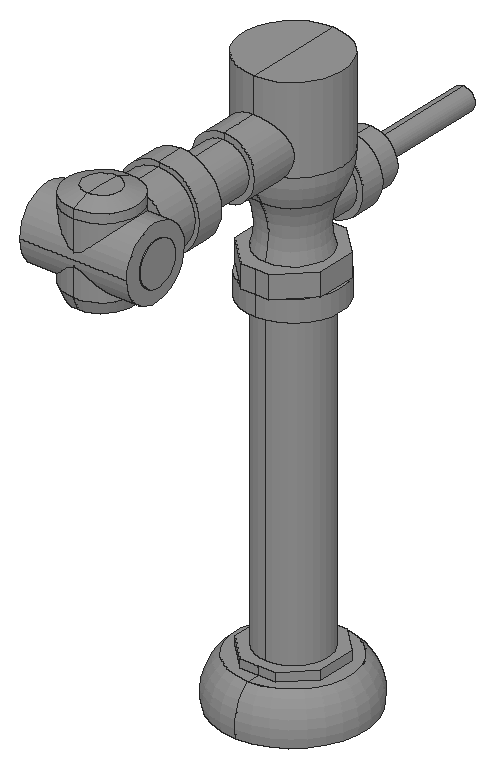
Revit family "Fluxor WC Public", category Plumbing Fixtures, Revit 2015
Parameters (values of type "Fluxor WC Public")
  Width = 80 mm
  URL = "www.mk.cl"
  Type Comments = "Fluxor expuesto para wc\r\nLitros de descarga: 4,8 \r\nConexión a muro: 1” HI \r\nTiempo: 4-8 segundos\r\nPresión de trabajo: 2 - 4 BAR \r\nTerminación: Cromo"
  Supplier = "Mk"  # constant formula
  Model = "Fluxor WC Public"
  Manufacturer = "Klipen"  # constant formula
  Keynote = "22 41 13.13"
  ID_Source = "BIMTOOL"
  ID_Objeto = "BT_F_F_1813"
  Height = 326.3 mm
  Description = "Fluxor expuesto para wc"
  Depth = 271.98 mm
  Default Elevation = 1219.2 mm
  Copyright © = "Bimtool 2018 ®Todos los derechos reservados."  # constant formula
  BT_Uso = "Fluxómetro"
  BT_SKU = "00 00 00"
  BT_Material = Latón Cromado
  BT_Itemizado_Estandar_CDT = "E 04 02 00"
  BT_Color = "Cromo"
  Assembly Code = "D2010.60"
Reference planes
  plane 1 "Center (Front/Back)": y = 0
  plane 2: z = 0
  plane 3 "Center (Left/Right)": x = 0
  plane 4: z = 326.3
  plane 5: y = 119.077
  plane 6: y = -152.903
  plane 7: x = -40
  plane 8: x = 40
Forms (mm)
  Revolve 1, solid, material "Latón Cromado"
    sketch origin (0, 0, 0) x (0, 1, 0) y (0, 0, 1)
      loop
        line (0, 0) -> (0, 25) -> (-31.924, 25)
        arc (-31.924, 25) -> (-39.532, 13.653) -> (-40, 0) r 24.872
        line (-40, 0) -> (0, 0)
      axis (0, 0) -> (0, 25)
    angle from 0 to 360
  Revolve 2, solid, material "Latón Cromado"
    sketch origin (0, 0, 0) x (0, 1, 0) y (0, 0, 1)
      loop
        line (0, 205) -> (0, 25) -> (19.049, 25) -> (19.049, 205) -> (0, 205)
      axis (0, 25) -> (0, 205)
    angle from 0 to 360
  Extrusion 3, solid, material "Latón Cromado"
    sketch origin (0, 0, 0) x (1, 0, 0) y (0, 1, 0)
      loop
        line (0, 24.848) -> (-10, 24.848) -> (-24.142, 10.705) -> (-24.142, -10.705) -> (-10, -24.848) -> (0, -24.848) -> (10, -24.848) -> (24.142, -10.705) -> (24.142, 10.705) -> (10, 24.848) -> (0, 24.848)
      loop
        circle (0, 0) r 19.049
    from 25 to 29.873
  Revolve 4, solid, material "Latón Cromado"
    sketch origin (0, 0, 0) x (0, 1, 0) y (0, 0, 1)
      loop
        line (0, 216.82) -> (0, 205) -> (26.189, 205) -> (26.189, 216.82) -> (0, 216.82)
      axis (0, 205) -> (0, 216.82)
    angle from 0 to 360
  Extrusion 5, solid, material "Latón Cromado"
    sketch origin (0, 0, 191.82) x (1, 0, 0) y (0, 1, 0)
      loop
        line (0, 26.532) -> (-8.315, 26.532) -> (-24.142, 10.705) -> (-24.142, -10.705) -> (-7.866, -26.981) -> (0, -26.981) -> (7.866, -26.981) -> (24.142, -10.705) -> (24.142, 10.705) -> (8.315, 26.532) -> (0, 26.532)
      loop
        circle (0, 0) r 19.049
    from 25 to 37.435
  Revolve 6, solid, material "Latón Cromado"
    sketch origin (0, 0, 0) x (0, 1, 0) y (0, 0, 1)
      loop
        line (0, 229.255) -> (19.049, 229.255)
        arc (19.049, 229.255) -> (17.3, 245.285) -> (22.755, 260.459) r 35.839
        arc (22.755, 260.459) -> (26.619, 269.098) -> (27.731, 278.495) r 31.368
        line (27.731, 278.495) -> (27.731, 326.3) -> (0, 326.3) -> (0, 229.255)
      axis (0, 229.255) -> (0, 326.3)
    angle from 0 to 360
  Revolve 7, solid, material "Latón Cromado"
    sketch origin (0, 0, 0) x (0, 1, 0) y (0, 0, 1)
      loop
        line (54.077, 250.317) -> (7.162, 250.317) -> (7.162, 235.317) -> (54.077, 235.317) -> (54.077, 250.317)
      axis (7.162, 250.317) -> (54.077, 250.317)
    angle from 0 to 360
  Revolve 8, solid, material "Latón Cromado"
    sketch origin (0, 0, 0) x (0, 1, 0) y (0, 0, 1)
      loop
        line (39.03, 250.422) -> (25.555, 250.422) -> (25.555, 231.685) -> (39.03, 231.685) -> (39.03, 250.422)
      axis (25.555, 250.422) -> (39.03, 250.422)
    angle from 0 to 360
  Revolve 9, solid, material "Latón Cromado"
    sketch origin (0, 0, 0) x (0, 1, 0) y (0, 0, 1)
      loop
        line (55.735, 257.981) -> (54.077, 257.981) -> (54.077, 250.317) -> (59.077, 250.317) -> (59.077, 254.639)
        arc (59.077, 254.639) -> (58.098, 257.002) -> (55.735, 257.981) r 3.342
      axis (54.077, 250.317) -> (59.077, 250.317)
    angle from 0 to 360
  Revolve 10, solid, material "Latón Cromado"
    sketch origin (0, 0, 0) x (0, 1, 0) y (0, 0, 1)
      loop
        line (119.077, 250.317) -> (119.077, 256.57) -> (56.31, 256.57) -> (56.31, 250.317) -> (119.077, 250.317)
      axis (56.31, 250.317) -> (119.077, 250.317)
    angle from 0 to 360
  Revolve 11, solid, material "Latón Cromado"
    sketch origin (0, 0, 0) x (0, 1, 0) y (0, 0, 1)
      loop
        line (-48.663, 289.571) -> (-13.663, 289.571) -> (-13.663, 307.123) -> (-48.663, 307.123) -> (-48.663, 289.571)
      axis (-13.663, 289.571) -> (-48.663, 289.571)
    angle from 0 to 360
  Revolve 12, solid, material "Latón Cromado"
    sketch origin (0, 0, 0) x (0, 1, 0) y (0, 0, 1)
      loop
        line (-48.663, 289.571) -> (-48.663, 303.767) -> (-78.663, 303.767) -> (-78.663, 289.571) -> (-48.663, 289.571)
      axis (-48.663, 289.571) -> (-78.663, 289.571)
    angle from 0 to 360
  Revolve 13, solid, material "Latón Cromado"
    sketch origin (0, 0, 0) x (0, 1, 0) y (0, 0, 1)
      loop
        line (-78.663, 289.571) -> (-78.663, 312.411) -> (-93.663, 312.411) -> (-93.663, 289.571) -> (-78.663, 289.571)
      axis (-78.663, 289.571) -> (-93.663, 289.571)
    angle from 0 to 360
  Revolve 14, solid, material "Latón Cromado"
    sketch origin (0, 0, 0) x (0, 1, 0) y (0, 0, 1)
      loop
        line (-93.663, 289.571) -> (-93.663, 309.678) -> (-113.663, 309.678) -> (-113.663, 289.571) -> (-93.663, 289.571)
      axis (-93.663, 289.571) -> (-113.663, 289.571)
    angle from 0 to 360
  Revolve 15, solid, material "Latón Cromado"
    sketch origin (0, 0, 0) x (0, 1, 0) y (0, 0, 1)
      loop
        line (-133.283, 318.325) -> (-133.283, 263.325) -> (-116.212, 263.325) -> (-113.663, 270.05) -> (-113.663, 309.678) -> (-113.663, 314.678) -> (-123.283, 318.325) -> (-133.283, 318.325)
      axis (-133.283, 263.325) -> (-133.283, 318.325)
    angle from 0 to 360
  Extrusion 16, solid, material "Latón Cromado"
    sketch origin (0, 0, 0) x (0, 1, 0) y (0, 0, 1)
      loop
        circle (-133.302, 289.415) r 19.941
    from -30.005 to 29.698
  Extrusion 17, solid, material "Latón Cromado"
    sketch origin (0, 0, 0) x (0, 1, 0) y (0, 0, 1)
      loop
        circle (-133.111, 289.402) r 11.987
    from -31.518 to 30.99
Dimensions and locks
  "Height": plane 4 to level
  "Depth": plane 6 to plane 5
  "Width": plane 8 to plane 7
  aligned and locked: level to plane 2
Automatic sketch dimensions
  Revolve 1 sketch curve to level = 0 mm  (x2)
  Revolve 1 sketch curve to plane 1 "Center (Front/Back)" = 0 mm  (x2)
  level to Revolve 1 sketch curve = 6.008 mm
  plane 1 "Center (Front/Back)" to Revolve 1 sketch curve = 15.865 mm
  Revolve 1 sketch curve to Revolve 1 sketch curve = 16.059 mm
  Revolve 1 sketch curve to Revolve 1 sketch curve = 24.135 mm
  Revolve 1 sketch curve to Revolve 1 sketch curve = 0 mm
  Revolve 2 sketch curve to plane 1 "Center (Front/Back)" = 0 mm  (x2)
  Revolve 2 sketch curve to plane 1 "Center (Front/Back)" = 19.049 mm
  level to Revolve 2 sketch curve = 25 mm
  Revolve 2 sketch curve to plane 4 = 121.3 mm
  Revolve 2 sketch curve to Revolve 2 sketch curve = 0 mm  (x2)
  Extrusion 3 sketch curve to plane 3 "Center (Left/Right)" = 0 mm  (x3)
  plane 1 "Center (Front/Back)" to Extrusion 3 sketch curve = 0 mm
  Extrusion 3 sketch curve to plane 3 "Center (Left/Right)" = 10 mm  (x2)
  Extrusion 3 sketch curve to plane 1 "Center (Front/Back)" = 10.705 mm  (x2)
  Extrusion 3 sketch curve to Extrusion 3 sketch curve = 14.142 mm  (x4)
  plane 3 "Center (Left/Right)" to Extrusion 3 sketch curve = 10 mm  (x2)
  plane 1 "Center (Front/Back)" to Extrusion 3 sketch curve = 10.705 mm  (x2)
  Revolve 4 sketch curve to plane 1 "Center (Front/Back)" = 0 mm  (x2)
  Revolve 4 sketch curve to plane 1 "Center (Front/Back)" = 26.189 mm
  Revolve 4 sketch curve to plane 4 = 121.3 mm
  Revolve 4 sketch curve to Revolve 4 sketch curve = 11.82 mm
  Revolve 4 sketch curve to Revolve 4 sketch curve = 0 mm  (x2)
  Extrusion 5 sketch curve to plane 3 "Center (Left/Right)" = 0 mm  (x3)
  plane 1 "Center (Front/Back)" to Extrusion 5 sketch curve = 0 mm
  Extrusion 5 sketch curve to plane 3 "Center (Left/Right)" = 7.866 mm
  Extrusion 5 sketch curve to plane 3 "Center (Left/Right)" = 8.315 mm
  Extrusion 5 sketch curve to plane 1 "Center (Front/Back)" = 10.705 mm  (x2)
  Extrusion 5 sketch curve to Extrusion 5 sketch curve = 15.827 mm  (x3)
  plane 3 "Center (Left/Right)" to Extrusion 5 sketch curve = 7.866 mm
  plane 3 "Center (Left/Right)" to Extrusion 5 sketch curve = 8.315 mm
  plane 1 "Center (Front/Back)" to Extrusion 5 sketch curve = 10.705 mm  (x2)
  Extrusion 5 sketch curve to Extrusion 5 sketch curve = 16.276 mm
  Revolve 6 sketch curve to plane 1 "Center (Front/Back)" = 0 mm  (x2)
  Revolve 6 sketch curve to plane 4 = 0 mm  (x2)
  plane 1 "Center (Front/Back)" to Revolve 6 sketch curve = 3.619 mm
  Revolve 6 sketch curve to Revolve 6 sketch curve = 19.049 mm
  Revolve 6 sketch curve to plane 1 "Center (Front/Back)" = 27.731 mm
  Revolve 6 sketch curve to Revolve 6 sketch curve = 33.84 mm
  Revolve 6 sketch curve to plane 4 = 47.805 mm
  Revolve 6 sketch curve to Revolve 6 sketch curve = 1.055 mm
  Revolve 6 sketch curve to Revolve 6 sketch curve = 37.437 mm
  Revolve 6 sketch curve to Revolve 6 sketch curve = 31.205 mm
  Revolve 6 sketch curve to Revolve 6 sketch curve = 0 mm
  Revolve 7 sketch curve to plane 1 "Center (Front/Back)" = 7.162 mm
  Revolve 7 sketch curve to Revolve 7 sketch curve = 46.914 mm
  Revolve 7 sketch curve to plane 4 = 90.983 mm
  Revolve 7 sketch curve to Revolve 7 sketch curve = 15 mm
  Revolve 7 sketch curve to Revolve 7 sketch curve = 10.454 mm
  Revolve 7 sketch curve to Revolve 7 sketch curve = 0 mm  (x2)
  Revolve 8 sketch curve to plane 1 "Center (Front/Back)" = 25.555 mm
  Revolve 8 sketch curve to Revolve 8 sketch curve = 13.475 mm
  Revolve 8 sketch curve to plane 4 = 94.615 mm
  Revolve 8 sketch curve to Revolve 8 sketch curve = 18.736 mm
  Revolve 8 sketch curve to Revolve 8 sketch curve = 0 mm  (x3)
  Revolve 9 sketch curve to plane 1 "Center (Front/Back)" = 54.077 mm
  Revolve 9 sketch curve to Revolve 9 sketch curve = 1.658 mm
  Revolve 9 sketch curve to Revolve 9 sketch curve = 5 mm
  Revolve 9 sketch curve to plane 4 = 75.983 mm
  Revolve 9 sketch curve to Revolve 9 sketch curve = 4.322 mm
  Revolve 9 sketch curve to Revolve 9 sketch curve = 0 mm  (x3)
  Revolve 10 sketch curve to plane 1 "Center (Front/Back)" = 56.31 mm
  Revolve 10 sketch curve to Revolve 10 sketch curve = 62.766 mm
  Revolve 10 sketch curve to plane 4 = 75.983 mm
  Revolve 10 sketch curve to Revolve 10 sketch curve = 6.253 mm
  Revolve 10 sketch curve to Revolve 10 sketch curve = 2.766 mm
  Revolve 10 sketch curve to Revolve 10 sketch curve = 0 mm  (x2)
  plane 1 "Center (Front/Back)" to Revolve 11 sketch curve = 48.663 mm
  plane 1 "Center (Front/Back)" to Revolve 11 sketch curve = 13.663 mm
  Revolve 11 sketch curve to plane 4 = 36.729 mm
  Revolve 11 sketch curve to Revolve 11 sketch curve = 17.552 mm
  Revolve 11 sketch curve to Revolve 11 sketch curve = 0 mm  (x2)
  Revolve 11 sketch curve to Revolve 11 sketch curve = 7.381 mm
  Revolve 12 sketch curve to plane 4 = 22.533 mm
  plane 1 "Center (Front/Back)" to Revolve 12 sketch curve = 78.663 mm
  Revolve 12 sketch curve to Revolve 12 sketch curve = 30 mm
  Revolve 12 sketch curve to Revolve 12 sketch curve = 14.197 mm
  Revolve 12 sketch curve to Revolve 12 sketch curve = 0 mm  (x3)
  Revolve 13 sketch curve to plane 4 = 13.889 mm
  plane 1 "Center (Front/Back)" to Revolve 13 sketch curve = 93.663 mm
  Revolve 13 sketch curve to Revolve 13 sketch curve = 15 mm
  Revolve 13 sketch curve to Revolve 13 sketch curve = 22.84 mm
  Revolve 13 sketch curve to Revolve 13 sketch curve = 0 mm  (x3)
  Revolve 14 sketch curve to plane 4 = 16.622 mm
  plane 1 "Center (Front/Back)" to Revolve 14 sketch curve = 113.663 mm
  Revolve 14 sketch curve to Revolve 14 sketch curve = 20 mm
  Revolve 14 sketch curve to Revolve 14 sketch curve = 20.108 mm
  Revolve 14 sketch curve to Revolve 14 sketch curve = 0 mm  (x3)
  Revolve 15 sketch curve to plane 4 = 7.975 mm
  plane 1 "Center (Front/Back)" to Revolve 15 sketch curve = 133.283 mm
  Revolve 15 sketch curve to Revolve 15 sketch curve = 10 mm
  Revolve 15 sketch curve to Revolve 15 sketch curve = 17.071 mm
  Revolve 15 sketch curve to Revolve 15 sketch curve = 9.62 mm
  Revolve 15 sketch curve to Revolve 15 sketch curve = 3.647 mm
  Revolve 15 sketch curve to Revolve 15 sketch curve = 5 mm
  Revolve 15 sketch curve to Revolve 15 sketch curve = 39.629 mm
  Revolve 15 sketch curve to Revolve 15 sketch curve = 6.725 mm
  Revolve 15 sketch curve to Revolve 15 sketch curve = 0 mm  (x3)
  Extrusion 16 sketch curve to plane 4 = 36.885 mm
  plane 1 "Center (Front/Back)" to Extrusion 16 sketch curve = 133.302 mm
  Extrusion 17 sketch curve to plane 4 = 36.898 mm
  plane 1 "Center (Front/Back)" to Extrusion 17 sketch curve = 133.111 mm
  radius of Extrusion 3 sketch curve = 19.049 mm
  radius of Extrusion 5 sketch curve = 19.049 mm
  radius of Extrusion 16 sketch curve = 19.941 mm
  radius of Extrusion 17 sketch curve = 11.987 mm
